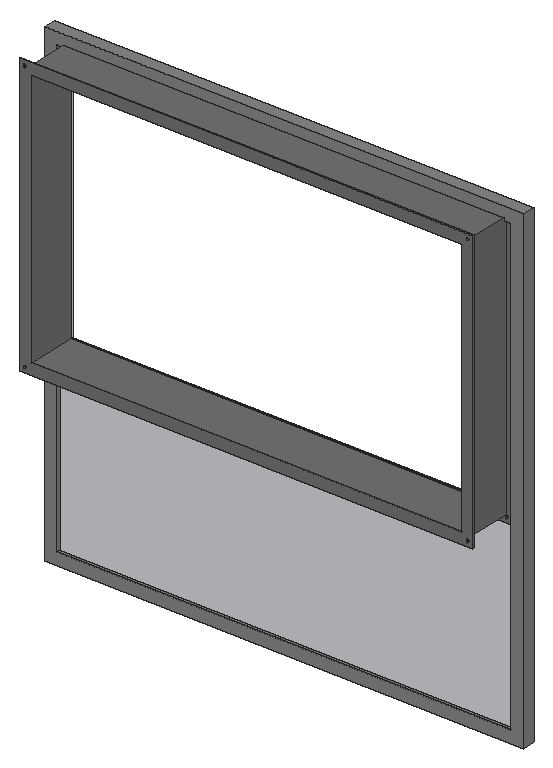
Revit family "20 .Боковая торцевая панель с мягкой вставкой ANR P1", category Оборудование, Revit 2016
Family settings
  Тип детали = Нормальный
  Размер круглого соединителя = Использовать диаметр
  На основе рабочей плоскости = Нет
  Всегда вертикально = Да
  При загрузке вырезать с полостями = Нет
  Общий = Нет
  Точка расчета площади = Нет
Parameters (values of type "ANR 12 P1")
  гибкая вставка = резина
  Ширина = А - 2 * Р  # 1290.915 mm
  Середина = Б / 2  # 420 mm
  Р = А * 0.0247  # 33.543 mm
  Д1 = Д - 20 mm  # 130 mm
  Д = 150 mm  # constant formula
  ножки(да/нет) [instance] = no
  Высота = Б - 2 * Р  # 772.915 mm
  Б3 = Б2 - 20 mm  # 1415 mm
  Б2 = 1435 mm
  Б1 = 810 mm
  А3 = А2 - 20 mm  # 1415 mm
  А2 = 1435 mm
  А1 = 1328 mm
  А = 1358 mm
  Б = 840 mm
  Частотный преобразователь [instance] = no
  Частота вращения n, об/мин = ""
  Тип, марка, обозначение = "ANR 12 P1"
  Сила тока J, А = ""
  Регулятор расхода [instance] = no
  Раздел = "ОВ"
  Примечание = ""
  Позиция = ""
  Напряжение U,В = ""
  Наименование и тех.хар-ка = "Боковая торцевая панель с мягкой вставкой"  # constant formula
  Мощность двигателя N,Вт = ""
  Материал = Сталь серая
  Масса единицы = ""
  Код, оборудования = ""
  Ключевая пометка = "Вентиляция"
  Задание электрикам [instance] = no
  Задание автоматчикам [instance] = no
  Завод изготовитель = "KORF"  # constant formula
  Единица измерения = "шт."  # constant formula
Types (8, lengths in mm): name | Ширина | Середина | Р | Высота | Б3 | Б2 | Б1 | А3 | А2 | А1 | А | Б | Тип, марка, обозначение
  ANR 6 P1 | 988.624 | 269.851 | 25.688 | 488.325 | 1080 | 1100 | 510 | 1080 | 1100 | 1010 | 1040 | 539.701 | "ANR 6 P1"
  ANR 7 P1 | 988.624 | 370 | 25.688 | 688.624 | 1300 | 1320 | 710 | 1080 | 1100 | 1010 | 1040 | 740 | "ANR 7 P1"
  ANR 8 P1 | 1178.744 | 370 | 30.628 | 678.744 | 1300 | 1320 | 710 | 1300 | 1320 | 1210 | 1240 | 740 | "ANR 8 P1"
  ANR 12 P1 | 1290.915 | 420 | 33.543 | 772.915 | 1415 | 1435 | 810 | 1415 | 1435 | 1328 | 1358 | 840 | "ANR 12 P1"
  ANR 20 P1 | 1503.849 | 520 | 39.075 | 961.849 | 1640 | 1660 | 1010 | 1640 | 1660 | 1552 | 1582 | 1040 | "ANR 20 P1"
  ANR 25 P1 | 1870.781 | 720 | 48.61 | 1342.781 | 2025 | 2045 | 1410 | 2025 | 2045 | 1938 | 1968 | 1440 | "ANR 25 P1"
  ANR 30 P1 | 2289.045 | 720 | 59.478 | 1321.045 | 2025 | 2045 | 1410 | 2465 | 2485 | 2381 | 2408 | 1440 | "ANR 30 P1"
  ANR 35 P1 | 2289.045 | 940 | 59.478 | 1761.045 | 2465 | 2485 | 1852 | 2465 | 2485 | 2381 | 2408 | 1880 | "ANR 35 P1"
Reference planes
  plane 1 "По центру (Вперед/Назад)": y = 0
  plane 2: z = 0
  plane 3 "По центру (Влево/Вправо)": x = 0
  plane 4: x = -707.5
  plane 5: y = 5
  plane 6: x = 707.5
  plane 7: z = 1425
  plane 8: z = 1005
  plane 9: z = 585
  plane 10: z = 1425
  plane 11: z = 600
  plane 12: z = 1410
  plane 13: x = -679
  plane 14: x = -664
  plane 15: x = 679
  plane 16: x = 664
  plane 17: x = -645.457
  plane 18: x = 645.457
  plane 19: z = 1391.457
  plane 20: z = 618.543
  plane 21: y = -150
  plane 22: z = 10
Forms (mm)
  Extrusion 1, void, not visible
    sketch origin (-345, -245, 50) x (0, -1, 0) y (0, 0, -1)
      loop
        line (-477.965, -475) -> (-477.965, -450) -> (-528.913, -450) -> (-528.913, -475) -> (-477.965, -475)
    from -47.452 to 12
  Extrusion 2, solid, detail levels fine
    sketch origin (0, 0, 0) x (1, 0, 0) y (0, 1, 0)
      loop
        line (-707.5, 5) -> (-707.5, 0) -> (707.5, 0) -> (707.5, 5) -> (-707.5, 5)
    from 10 to 1425
  Extrusion 3, solid, material "резина" <- "гибкая вставка", detail levels fine
    sketch origin (0, 0, 0) x (1, 0, 0) y (0, 1, 0)
      loop
        line (-679, 0) -> (-679, -150) -> (679, -150) -> (679, 0) -> (-679, 0)
    from 585 to 1425
  Sweep 4, void, detail levels fine
    path in 3D
      loop
        line (679, -150, 1425) -> (679, -150, 585) -> (-679, -150, 585) -> (-679, -150, 1425) -> (679, -150, 1425)
    profile origin (0, -150, 1425) x (0, 1, 0) y (0, 0, 1)
      loop
        line (3.69, 0) -> (3.69, -20) -> (145.981, -20) -> (145.981, 0) -> (3.69, 0)
  Extrusion 5, void
    sketch origin (0, 0, 0) x (1, 0, 0) y (0, 0, 1)
      loop
        circle (-664, 1410) r 5
      loop
        circle (664, 1410) r 5
      loop
        circle (664, 600) r 5
      loop
        circle (-664, 600) r 5
    from -56.854 to 194.521
  Extrusion 6, void, detail levels fine
    sketch origin (0, 0, 0) x (1, 0, 0) y (0, 0, 1)
      loop
        line (-645.457, 1391.457) -> (-645.457, 618.543) -> (645.457, 618.543) -> (645.457, 1391.457) -> (-645.457, 1391.457)
    from -5 to 150
  Sweep 7, solid, material "Сталь серая" <- "Материал", detail levels fine
    path in 3D
      loop
        line (707.5, 0, 10) -> (-707.5, 0, 10) -> (-707.5, 0, 1425) -> (707.5, 0, 1425) -> (707.5, 0, 10)
    profile "Профиль уголок 10х10 : Профиль уголок 10х10" origin (707.5, 0, 717.5) x (0, 1, 0) y (1, 0, 0)
      loop
        line (0, -27.5) -> (0, 0) -> (27.5, 0) -> (27.5, 10) -> (-10, 10) -> (-10, -27.5) -> (0, -27.5)
Cuts and joins
  Sweep 4, Extrusion 5, Extrusion 6 cuts Extrusion 3
  Extrusion 5, Extrusion 6 cuts Extrusion 2
Lines and regions (mm)
  sketch lines
    curve 1: line (-679, -150, 1425) -> (679, -150, 1425)
    curve 2: line (679, -150, 1425) -> (679, -150, 585)
    curve 3: line (679, -150, 585) -> (-679, -150, 585)
    curve 4: line (-679, -150, 1425) -> (-679, -150, 585)
    curve 5: line (707.5, 0, 1425) -> (707.5, 0, 10)
    curve 6: line (707.5, 0, 10) -> (-707.5, 0, 10)
    curve 7: line (-707.5, 0, 1425) -> (-707.5, 0, 10)
    curve 8: line (-707.5, 0, 1425) -> (707.5, 0, 1425)
  model lines, detail levels coarse
    curve 9: line (-664, -10, 0) -> (-664, -150, 0)
    curve 10: line (-664, -150, 0) -> (664, -150, 0)
    curve 11: line (664, -150, 0) -> (664, -10, 0)
    curve 12: line (-659, -10, 0) -> (-679, -10, 0)
    curve 13: line (-679, -10, 0) -> (-679, 27.5, 0)
    curve 14: line (-679, 27.5, 0) -> (679, 27.5, 0)
    curve 15: line (679, 27.5, 0) -> (679, -10, 0)
    curve 16: line (679, -10, 0) -> (664, -10, 0)
    curve 17: line (-659, -10, 0) -> (664, -10, 0)
  model lines, detail levels medium
    curve 18: line (0, -150, 1425) -> (0, 5, 1425)
    curve 19: line (0, -150, 585) -> (0, -150, 1425)
    curve 20: line (0, 5, 585) -> (0, -150, 585)
    curve 21: line (0, 5, 1425) -> (0, 5, 585)
    curve 22: line (0, 5, 585) -> (0, 5, 0)
    curve 23: line (0, 5, 0) -> (0, 27.5, 0)
    curve 24: line (0, 27.5, 0) -> (0, 27.5, 1425)
    curve 25: line (0, 27.5, 1425) -> (0, 4.922, 1425)
Dimensions and locks
  equal spacing: plane 4, plane 3 "По центру (Влево/Вправо)", plane 6
  "А3": plane 4 to plane 6
  Extrusion 2 sketch curve to Extrusion 2 sketch curve = 5 mm
  locked: plane 1 "По центру (Вперед/Назад)" to plane 5 at 5
  "Середина": plane 7 to plane 8
  equal spacing: plane 10, plane 8, plane 9
  "Б": plane 10 to plane 9
  equal spacing: plane 12, plane 8, plane 11
  "Б1": plane 12 to plane 11
  equal spacing: plane 15, plane 3 "По центру (Влево/Вправо)", plane 13
  "А": plane 15 to plane 13
  equal spacing: plane 16, plane 3 "По центру (Влево/Вправо)", plane 14
  "А1": plane 16 to plane 14
  "Р": plane 17 to plane 13
  "Р": plane 15 to plane 18
  "Р": plane 20 to plane 9
  "Р": plane 10 to plane 19
  "Д": plane 21 to plane 1 "По центру (Вперед/Назад)"
  "Б3": plane 10 to plane 22
  locked: plane 22 to level at 10
  Sweep 7 to Sweep 7 = 1435 mm  (x2)
  aligned and locked: level to plane 2
  aligned and locked: Extrusion 2 to plane 4
  aligned and locked: plane 6 to Extrusion 2
  aligned and locked: plane 1 "По центру (Вперед/Назад)" to Extrusion 2
  aligned and locked: plane 7 to Extrusion 2
  aligned and locked: Extrusion 2 to plane 5
  aligned and locked: Extrusion 3 to plane 1 "По центру (Вперед/Назад)"
  aligned and locked: Extrusion 3 to plane 21
  aligned and locked: plane 10 to Extrusion 3
  aligned and locked: Extrusion 3 to plane 9
  aligned and locked: Extrusion 3 to plane 13
  aligned and locked: plane 15 to Extrusion 3
  aligned and locked: cut or joined group of Extrusion 3, Sweep 4, Extrusion 5, Extrusion 6 to plane 17
  aligned and locked: cut or joined group of Extrusion 3, Sweep 4, Extrusion 5, Extrusion 6 to plane 19
  aligned and locked: plane 18 to cut or joined group of Extrusion 3, Sweep 4, Extrusion 5, Extrusion 6
  aligned and locked: cut or joined group of Extrusion 3, Sweep 4, Extrusion 5, Extrusion 6 to plane 20
  aligned and locked: cut or joined group of Extrusion 3, Sweep 4, Extrusion 5, Extrusion 6 to plane 21
  aligned and locked: Extrusion 6 to plane 5
  aligned and locked: cut or joined group of Extrusion 2, Extrusion 5, Extrusion 6 to plane 22
  aligned and locked: curve 9 to plane 14
  aligned and locked: Sweep 7 to curve 17
  aligned and locked: curve 18 to cut or joined group of Extrusion 3, Sweep 4, Extrusion 5, Extrusion 6
  aligned and locked: curve 19 to cut or joined group of Extrusion 3, Sweep 4, Extrusion 5, Extrusion 6
  aligned and locked: plane 9 to curve 20
  aligned and locked: curve 21 to plane 5
Automatic sketch dimensions
  plane 1 "По центру (Вперед/Назад)" to Extrusion 2 sketch curve = 0 mm
  Extrusion 2 sketch curve to plane 4 = 0 mm
  Extrusion 2 sketch curve to plane 6 = 0 mm
  Extrusion 1 sketch curve to Extrusion 1 sketch curve = 50.949 mm
  Extrusion 1 sketch curve to Extrusion 1 sketch curve = 25 mm
  Extrusion 3 sketch curve to plane 13 = 0 mm
  Extrusion 3 sketch curve to plane 6 = 28.5 mm
  plane 21 to Extrusion 3 sketch curve = 0 mm
  plane 1 "По центру (Вперед/Назад)" to Extrusion 3 sketch curve = 0 mm
  Sweep 4 sketch curve to profile plane = 0 mm
  Sweep 4 sketch curve to profile plane = 3.69 mm
  Sweep 4 sketch curve to profile plane = 20 mm
  Sweep 4 sketch curve to Sweep 4 sketch curve = 142.291 mm
  Extrusion 5 sketch curve to plane 11 = 0 mm  (x2)
  Extrusion 5 sketch curve to plane 14 = 0 mm  (x2)
  Extrusion 5 sketch curve to plane 12 = 0 mm  (x2)
  Extrusion 5 sketch curve to plane 16 = 0 mm  (x2)
  plane 17 to Extrusion 6 sketch curve = 0 mm
  Extrusion 6 sketch curve to plane 18 = 0 mm
  plane 20 to Extrusion 6 sketch curve = 0 mm
  Extrusion 6 sketch curve to plane 19 = 0 mm
  curve 12 to plane 13 = 0 mm
  curve 10 to plane 16 = 0 mm
  curve 15 to plane 15 = 0 mm
  curve 9 to plane 21 = 0 mm
  plane 5 to curve 14 = 22.5 mm
  curve 9 to curve 17 = 5 mm
  curve 24 to level = 0 mm
  plane 5 to curve 24 = 22.5 mm
  curve 25 to plane 7 = 0 mm
  curve 25 to curve 18 = 0.078 mm
  radius of Extrusion 5 sketch curve = 5 mm  (x4)
Nested families
  nested 1: "крепление 15мм" at (-330, 229.965, 495), type "крепление 15мм", not visible
Definition of nested family "крепление 15мм"
  Parameters (values of type "крепление 15мм")
    Материал крепления = none
  Reference planes
    plane 1 "По центру (Вперед/Назад)": y = 0
    plane 2: z = 0
    plane 3 "По центру (Влево/Вправо)": x = 0
  Forms (mm)
    Extrusion 1, solid, material <- "Материал крепления"
      sketch origin (0, 0, 0) x (1, 0, 0) y (0, 1, 0)
        loop
          line (-25, 0) -> (0, 0) -> (0, 18.31) -> (0, 25) -> (-3, 25) -> (-3, 3) -> (-25, 3) -> (-25, 0)
      from 0 to 30
    Extrusion 2, void
      sketch origin (0, 0, 0) x (1, 0, 0) y (0, 1, 0)
        loop
          line (-3, 3) -> (-3, 54.96) -> (-58, 54.96) -> (-58, 3) -> (-3, 3)
      from 0 to 15
  Cuts and joins
    Extrusion 2 cuts Extrusion 1
  Dimensions and locks
    Extrusion 1 sketch curve to Extrusion 1 sketch curve = 3 mm  (x2)
    Extrusion 1 sketch curve to Extrusion 1 sketch curve to plane 3 "По центру (Влево/Вправо)" = 25 mm, 0 mm
    Extrusion 1 sketch curve to Extrusion 1 sketch curve = 25 mm
    aligned and locked: level to plane 2
